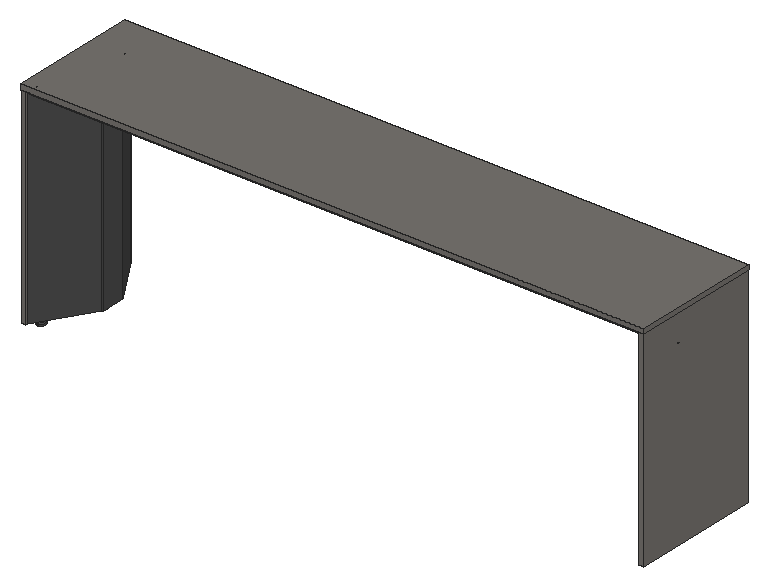
Revit family "revitupgrade", category Furniture, Revit 2020
Family settings
  Work Plane-Based = No
  Always vertical = Yes
  Cut with Voids When Loaded = No
  Shared = No
  Room Calculation Point = No
Parameters (values of type "66W")
  URL = "https://www.steelcase.com"
  Top [instance] = Steelcase - 25L6 Blackwood LPL
  Symbol Name = "TS4TPST"
  Style Number(s) = "TS4TPST"
  Release Date = "April 2018"  # constant formula
  Receptacle = Steelcase - 6249 Platinum Solid
  Product Line = "Turnstone"  # constant formula
  Product = "Campfire"  # constant formula
  Power Cord = Steelcase - 6205 Black
  Opaque [instance] = yes
  Manufacturer = "Steelcase"  # constant formula
  Description = ""
  Default Elevation = 0.00"
  Copyright = "© 2010 Steelcase Inc."  # constant formula
  AutoCAD Tag = "66/14"
  Authoring Version = "Revit 2016"  # constant formula
  Assembly Code = "E2020200"
Reference planes (in)
  plane 1 "Center Front/Back": y = 0
  plane 2 "Bottom": z = 0
  plane 3 "Center Left/Right": x = 0
  plane 4: x = 66
  plane 5: z = 23.07396
  plane 6: z = 22.559
  plane 7: z = 0.3189
  plane 8: y = -0.0395
  plane 9: y = -13.78576
  plane 10: y = -13.82513
  plane 11: x = 0.07855
  plane 12: x = 65.92143
  plane 13: x = 65.40648
  plane 14: x = 0.59351
  plane 15: x = 0.77099
  plane 16: through (0, -12.76328, 22.1769) normal (0, -0.5736, -0.8192)
  plane 17: through (0, -1.06557, 22.1744) normal (0, -0.5736, 0.8192)
  plane 18: y = -6.91257
Forms (in)
  Extrusion 1, solid, material "Steelcase - 25L6 Blackwood LPL" <- "Top"
    sketch origin (0, 0, 0) x (1, 0, 0) y (0, 1, 0)
      loop
        line (0, -0.0395) -> (0, -13.82513) -> (66, -13.82513) -> (66, -0.0395) -> (0, -0.0395)
    from 22.559 to 23.07396
  Extrusion 2, solid, material "Steelcase - 25L6 Blackwood LPL"
    sketch origin (0, 0, 0) x (1, 0, 0) y (0, 0, 1)
      loop
        line (0.07855, 22.559) -> (0.07855, 0.48902) -> (0.59351, 0.48902) -> (0.59351, 22.559) -> (0.07855, 22.559)
      loop
        line (65.40648, 22.559) -> (65.40648, 0.48902) -> (65.92143, 0.48902) -> (65.92143, 22.559) -> (65.40648, 22.559)
    from 0.0395 to 13.78576
  Extrusion 3, solid, material "Steelcase - 6205 Black" <- "Power Cord"
    sketch origin (0, 0, 0) x (1, 0, 0) y (0, 1, 0)
      loop
        arc (0.59351, -13.6349) -> (0.64317, -13.70086) -> (0.72029, -13.67137) r 0.06863
        line (0.72029, -13.67137) -> (4.05531, -8.16663)
        arc (4.05531, -8.16663) -> (4.10547, -8.05437) -> (4.12264, -7.93262) r 0.44037
        line (4.12264, -7.93262) -> (4.12264, -5.48077)
        arc (4.12264, -5.48077) -> (4.11027, -5.39301) -> (4.07411, -5.3121) r 0.3174
        line (4.07411, -5.3121) -> (0.72112, -0.15522)
        arc (0.72112, -0.15522) -> (0.6435, -0.12554) -> (0.59351, -0.19193) r 0.06908
        line (0.59351, -0.19193) -> (0.59351, -13.6349)
    from 0.48902 to 22.559
  Extrusion 4, solid, material "Steelcase - 6205 Black" <- "Power Cord"
    sketch origin (66, 0, 0) x (-1, 0, 0) y (0, -1, 0)
      loop
        line (0.59352, 13.63489) -> (0.59352, 0.19194)
        arc (0.59352, 0.19194) -> (0.6435, 0.12555) -> (0.72113, 0.15523) r 0.06908
        line (0.72113, 0.15523) -> (4.07411, 5.50035)
        arc (4.07411, 5.50035) -> (4.11027, 5.58126) -> (4.12264, 5.66902) r 0.3174
        line (4.12264, 5.66902) -> (4.12264, 8.12087)
        arc (4.12264, 8.12087) -> (4.10547, 8.24263) -> (4.05531, 8.35489) r 0.44037
        line (4.05531, 8.35489) -> (0.72029, 13.67136)
        arc (0.72029, 13.67136) -> (0.64318, 13.70085) -> (0.59352, 13.63489) r 0.06863
    from 0.48902 to 22.559
  Extrusion 5, solid, material "Steelcase - 6205 Black" <- "Power Cord"
    sketch origin (0, 0, 0) x (0, 1, 0) y (0, 0, 1)
      loop
        line (-0.20242, 22.559) -> (-1.15132, 22.559)
        arc (-1.15132, 22.559) -> (-1.22632, 22.50968) -> (-1.21076, 22.42128) r 0.08169
        line (-1.21076, 22.42128) -> (-1.06924, 22.27112)
        arc (-1.06924, 22.27112) -> (-1.05843, 22.23922) -> (-1.07548, 22.21018) r 0.04049
        line (-1.07548, 22.21018) -> (-5.47515, 19.1295)
        arc (-5.47515, 19.1295) -> (-5.58153, 19.07704) -> (-5.69875, 19.059) r 0.38984
        line (-5.69875, 19.059) -> (-8.14973, 19.059)
        arc (-8.14973, 19.059) -> (-8.24496, 19.07369) -> (-8.33135, 19.11639) r 0.31607
        line (-8.33135, 19.11639) -> (-12.74749, 22.21713)
        arc (-12.74749, 22.21713) -> (-12.76574, 22.24882) -> (-12.75322, 22.28318) r 0.0433
        line (-12.75322, 22.28318) -> (-12.60914, 22.42726)
        arc (-12.60914, 22.42726) -> (-12.59241, 22.51136) -> (-12.66371, 22.559) r 0.07717
        line (-12.66371, 22.559) -> (-13.62482, 22.559)
        arc (-13.62482, 22.559) -> (-13.6991, 22.50755) -> (-13.67706, 22.41992) r 0.07935
        line (-13.67706, 22.41992) -> (-13.49349, 22.25937) -> (-13.65968, 22.4494)
        arc (-13.65968, 22.4494) -> (-13.66679, 22.49761) -> (-13.62582, 22.524) r 0.04498
        line (-13.62582, 22.524) -> (-12.66501, 22.524)
        arc (-12.66501, 22.524) -> (-12.62555, 22.49764) -> (-12.63481, 22.45109) r 0.04271
        line (-12.63481, 22.45109) -> (-12.775, 22.3109)
        arc (-12.775, 22.3109) -> (-12.80038, 22.24117) -> (-12.76328, 22.1769) r 0.0878
        line (-12.76328, 22.1769) -> (-8.35225, 19.08827)
        arc (-8.35225, 19.08827) -> (-8.25528, 19.04045) -> (-8.14841, 19.024) r 0.3554
        line (-8.14841, 19.024) -> (-5.65046, 19.024)
        arc (-5.65046, 19.024) -> (-5.56877, 19.03657) -> (-5.49464, 19.07313) r 0.27165
        line (-5.49464, 19.07313) -> (-1.06557, 22.1744)
        arc (-1.06557, 22.1744) -> (-1.02692, 22.24135) -> (-1.05336, 22.31399) r 0.09146
        line (-1.05336, 22.31399) -> (-1.1922, 22.45283)
        arc (-1.1922, 22.45283) -> (-1.20124, 22.49826) -> (-1.16272, 22.524) r 0.04169
        line (-1.16272, 22.524) -> (-0.19684, 22.524)
        arc (-0.19684, 22.524) -> (-0.15696, 22.4983) -> (-0.16387, 22.45136) r 0.0438
        line (-0.16387, 22.45136) -> (-0.33178, 22.25937) -> (-0.1497, 22.41862)
        arc (-0.1497, 22.41862) -> (-0.12745, 22.50707) -> (-0.20242, 22.559) r 0.08009
    from 0.59351 to 65.40648
  Extrusion 6, solid, material "Steelcase - 6249 Platinum Solid" <- "Receptacle"
    sketch origin (0, -12.76328, 22.1769) x (0, -0.819152, 0.573576) y (-1, 0, 0)
      loop
        line (-2.86306, -31.42039) -> (-4.61306, -31.42039) -> (-4.61306, -34.56436) -> (-2.86306, -34.56436) -> (-2.86306, -31.42039)
    from 0 to 0.04463
  Extrusion 7, solid, material "Steelcase - 6249 Platinum Solid" <- "Receptacle"
    sketch origin (0, -1.06186, 22.1769) x (0, 0.819152, 0.573576) y (1, 0, 0)
      loop
        line (-2.86306, 31.42039) -> (-2.86306, 34.56436) -> (-4.61306, 34.56436) -> (-4.61306, 31.42039) -> (-2.86306, 31.42039)
    from 0 to 0.04463
  Extrusion 8, solid, material "Steelcase - 6249 Platinum Solid" <- "Receptacle"
    sketch origin (0, -12.76328, 22.1769) x (0, -0.819152, 0.573576) y (-1, 0, 0)
      loop
        line (-3.25082, -32.46251) -> (-4.56921, -32.46251) -> (-4.56921, -33.53278) -> (-3.25082, -33.53278) -> (-3.25082, -32.46251)
      loop
        line (-3.44486, -32.68499) -> (-4.02505, -32.68499) -> (-4.02505, -32.8133) -> (-3.44486, -32.8133) -> (-3.44486, -32.68499)
      loop
        line (-3.47839, -33.18299) -> (-3.97839, -33.18299) -> (-3.97839, -33.30767) -> (-3.47839, -33.30767) -> (-3.47839, -33.18299)
      loop
        line (-4.08234, -32.88399) -> (-4.18534, -32.88399) -> (-4.18534, -33.11599) -> (-4.08234, -33.11599) -> (-3.96634, -32.99984) -> (-4.08234, -32.88399)
    from 0 to 0.17324
  Extrusion 9, solid, material "Steelcase - 6249 Platinum Solid" <- "Receptacle"
    sketch origin (0, -1.06186, 22.1769) x (0, 0.819152, 0.573576) y (1, 0, 0)
      loop
        line (-3.25082, 32.46251) -> (-3.25082, 33.53278) -> (-4.56921, 33.53278) -> (-4.56921, 32.46251) -> (-3.25082, 32.46251)
      loop
        line (-3.44486, 32.68499) -> (-3.44486, 32.8133) -> (-4.02505, 32.8133) -> (-4.02505, 32.68499) -> (-3.44486, 32.68499)
      loop
        line (-3.47839, 33.18299) -> (-3.47839, 33.30767) -> (-3.97839, 33.30767) -> (-3.97839, 33.18299) -> (-3.47839, 33.18299)
      loop
        line (-4.08234, 32.88399) -> (-3.96634, 32.99984) -> (-4.08234, 33.11599) -> (-4.18534, 33.11599) -> (-4.18534, 32.88399) -> (-4.08234, 32.88399)
    from 0 to 0.17324
  Revolve 10, solid, material "Steelcase - 6205 Black"
    sketch origin (0.90625, 0, 0) x (0, 1, 0) y (0, 0, 1)
      loop
        line (-1.38728, 1.44086) -> (-1.38728, 0) -> (-0.9493, 0) -> (-0.9493, 0.11883)
        arc (-0.9493, 0.11883) -> (-1.04963, 0.19109) -> (-1.088, 0.30864) r 0.19921
        line (-1.088, 0.30864) -> (-1.088, 0.44428) -> (-1.22845, 0.44428) -> (-1.22845, 1.40005) -> (-1.27149, 1.44086) -> (-1.38728, 1.44086)
      axis (-1.38728, 1.44086) -> (-1.38728, 0)
    angle from 0 to 360
  Revolve 11, solid, material "Steelcase - 6205 Black"
    sketch origin (0.90625, -10.81162, 0) x (0, 1, 0) y (0, 0, 1)
      loop
        line (-1.38728, 1.44086) -> (-1.38728, 0) -> (-0.9493, 0) -> (-0.9493, 0.11883)
        arc (-0.9493, 0.11883) -> (-1.04963, 0.19109) -> (-1.088, 0.30864) r 0.19921
        line (-1.088, 0.30864) -> (-1.088, 0.44428) -> (-1.22845, 0.44428) -> (-1.22845, 1.40005) -> (-1.27149, 1.44086) -> (-1.38728, 1.44086)
      axis (-1.38728, 1.44086) -> (-1.38728, 0)
    angle from 0 to 360
  Revolve 12, solid, material "Steelcase - 6205 Black"
    sketch origin (3.19193, -5.40123, 0) x (0, 1, 0) y (0, 0, 1)
      loop
        line (-1.38728, 1.44086) -> (-1.38728, 0) -> (-0.9493, 0) -> (-0.9493, 0.11883)
        arc (-0.9493, 0.11883) -> (-1.04963, 0.19109) -> (-1.088, 0.30864) r 0.19921
        line (-1.088, 0.30864) -> (-1.088, 0.44428) -> (-1.22845, 0.44428) -> (-1.22845, 1.40005) -> (-1.27149, 1.44086) -> (-1.38728, 1.44086)
      axis (-1.38728, 1.44086) -> (-1.38728, 0)
    angle from 0 to 360
  Revolve 13, solid, material "Steelcase - 6205 Black"
    sketch origin (64.8133, 0, 0) x (0, 1, 0) y (0, 0, -1)
      loop
        line (-1.38728, -1.44086) -> (-1.27149, -1.44086) -> (-1.22845, -1.40005) -> (-1.22845, -0.44428) -> (-1.088, -0.44428) -> (-1.088, -0.30864)
        arc (-1.088, -0.30864) -> (-1.04963, -0.19109) -> (-0.9493, -0.11883) r 0.19921
        line (-0.9493, -0.11883) -> (-0.9493, 0) -> (-1.38728, 0) -> (-1.38728, -1.44086)
      axis (-1.38728, -1.44086) -> (-1.38728, 0)
    angle from 0 to 360
  Revolve 14, solid, material "Steelcase - 6205 Black"
    sketch origin (64.8133, -10.81162, 0) x (0, 1, 0) y (0, 0, -1)
      loop
        line (-1.38728, -1.44086) -> (-1.27149, -1.44086) -> (-1.22845, -1.40005) -> (-1.22845, -0.44428) -> (-1.088, -0.44428) -> (-1.088, -0.30864)
        arc (-1.088, -0.30864) -> (-1.04963, -0.19109) -> (-0.9493, -0.11883) r 0.19921
        line (-0.9493, -0.11883) -> (-0.9493, 0) -> (-1.38728, 0) -> (-1.38728, -1.44086)
      axis (-1.38728, -1.44086) -> (-1.38728, 0)
    angle from 0 to 360
  Revolve 15, solid, material "Steelcase - 6205 Black"
    sketch origin (62.52762, -5.40123, 0) x (0, 1, 0) y (0, 0, -1)
      loop
        line (-1.38728, -1.44086) -> (-1.27149, -1.44086) -> (-1.22845, -1.40005) -> (-1.22845, -0.44428) -> (-1.088, -0.44428) -> (-1.088, -0.30864)
        arc (-1.088, -0.30864) -> (-1.04963, -0.19109) -> (-0.9493, -0.11883) r 0.19921
        line (-0.9493, -0.11883) -> (-0.9493, 0) -> (-1.38728, 0) -> (-1.38728, -1.44086)
      axis (-1.38728, -1.44086) -> (-1.38728, 0)
    angle from 0 to 360
Lines and regions (in)
  Masking region 1, visible <- "Opaque"
    outline origin (0, 0, 0) x (1, 0, 0) y (0, 1, 0)
      loop
        line (66, 0) -> (0, 0) -> (0, -13.82513) -> (66, -13.82513) -> (66, 0)
  symbolic lines, style "Steelcase Furniture"
    curve 1: line (0, 0, 0) -> (66, 0, 0)
    curve 2: line (0, -13.82513, 0) -> (0, 0, 0)
    curve 3: line (66, -13.82513, 0) -> (0, -13.82513, 0)
    curve 4: line (66, 0, 0) -> (66, -13.82513, 0)
Dimensions and locks (in)
  locked: plane 7 to plane 2 "Bottom" at 0.3189
  plane 3 "Center Left/Right" to plane 11 to plane 14 = 0.07855" locked, 0.51496" locked
  plane 13 to plane 12 to plane 4 = 0.51495" locked, 0.07857" locked
  equal spacing: plane 1 "Center Front/Back", plane 18, plane 10
  aligned and locked: level to plane 2 "Bottom"
  aligned and locked: plane 5 to Extrusion 1
  aligned and locked: Extrusion 1 to plane 6
  aligned and locked: Extrusion 1 to plane 8
  aligned and locked: plane 9 to Extrusion 2
  aligned and locked: plane 10 to Extrusion 1
  aligned and locked: plane 6 to Extrusion 2  (x2)
  aligned and locked: Extrusion 2 to plane 9  (x2)
  aligned and locked: Extrusion 2 to plane 8
  aligned and locked: plane 14 to Extrusion 3 sketch curve
  aligned and locked: plane 6 to Extrusion 3
  aligned and locked: Extrusion 4 to plane 13
  aligned and locked: plane 13 to Extrusion 2
  aligned and locked: plane 14 to Extrusion 2
Automatic sketch dimensions
  curve 3 to plane 3 "Center Left/Right" = 0.00"
  curve 3 to plane 4 = 0.00"
  plane 10 to curve 3 = 0.00"
  plane 1 "Center Front/Back" to curve 2 = 0.00"
  Extrusion 1 sketch curve to plane 3 "Center Left/Right" = 0.00"
  Extrusion 1 sketch curve to plane 4 = 0.00"
  plane 10 to Extrusion 1 sketch curve = 0.00"
  plane 8 to Extrusion 1 sketch curve = 0.00"
  Extrusion 2 sketch curve to plane 11 = 0.00"
  Extrusion 2 sketch curve to plane 14 = 0.00"
  Extrusion 2 sketch curve to plane 6 = 0.00"  (x2)
  plane 13 to Extrusion 2 sketch curve = 0.00"
  plane 12 to Extrusion 2 sketch curve = 0.00"
  plane 7 to Extrusion 2 sketch curve = 0.17012"  (x2)
  plane 1 "Center Front/Back" to Masking region 1 sketch curve = 0.00"
  Masking region 1 sketch curve to plane 3 "Center Left/Right" = 0.00"
  Masking region 1 sketch curve to plane 4 = 0.00"
  plane 10 to Masking region 1 sketch curve = 0.00"
  Extrusion 3 sketch curve to Extrusion 3 sketch curve = 0.06863"
  Extrusion 3 sketch curve to Extrusion 3 sketch curve = 0.06908"
  Extrusion 3 sketch curve to plane 15 = 0.0507"
  Extrusion 3 sketch curve to plane 15 = 0.04987"
  plane 15 to Extrusion 3 sketch curve = 2.91128"
  Extrusion 3 sketch curve to Extrusion 3 sketch curve = 0.12296"
  plane 18 to Extrusion 3 sketch curve = 1.25407"
  Extrusion 3 sketch curve to Extrusion 3 sketch curve = 0.37305"
  Extrusion 3 sketch curve to plane 18 = 1.60047"
  Extrusion 3 sketch curve to Extrusion 3 sketch curve = 0.26888"
  Extrusion 3 sketch curve to Extrusion 3 sketch curve = 0.04852"
  Extrusion 3 sketch curve to plane 9 = 0.15086"
  plane 8 to Extrusion 3 sketch curve = 0.15243"
  Extrusion 4 sketch curve to plane 13 = 0.00"
  Extrusion 4 sketch curve to Extrusion 4 sketch curve = 0.06863"
  Extrusion 4 sketch curve to Extrusion 4 sketch curve = 0.06908"
  plane 9 to Extrusion 4 sketch curve = 0.1144"
  Extrusion 4 sketch curve to Extrusion 4 sketch curve = 0.05814"
  Extrusion 4 sketch curve to plane 8 = 0.11573"
  Extrusion 4 sketch curve to Extrusion 4 sketch curve = 0.05852"
  Extrusion 4 sketch curve to plane 13 = 3.08875"
  Extrusion 4 sketch curve to Extrusion 4 sketch curve = 0.12296"
  Extrusion 4 sketch curve to plane 18 = 1.44232"
  Extrusion 4 sketch curve to Extrusion 4 sketch curve = 0.37305"
  plane 18 to Extrusion 4 sketch curve = 1.41222"
  Extrusion 4 sketch curve to Extrusion 4 sketch curve = 0.26888"
  Extrusion 4 sketch curve to Extrusion 4 sketch curve = 0.04852"
  plane 6 to Extrusion 5 sketch curve = 0.00"  (x2)
  Extrusion 5 sketch curve to plane 16 = 0.00"
  plane 16 to Extrusion 5 sketch curve = 0.00"
  Extrusion 5 sketch curve to plane 17 = 0.00"
  Extrusion 5 sketch curve to plane 9 = 0.1087"
  Extrusion 5 sketch curve to Extrusion 5 sketch curve = 0.01738"
  Extrusion 5 sketch curve to Extrusion 5 sketch curve = 0.03386"
  Extrusion 5 sketch curve to Extrusion 5 sketch curve = 0.001"
  Extrusion 5 sketch curve to Extrusion 5 sketch curve = 0.18357"
  Extrusion 5 sketch curve to plane 6 = 0.2481"
  Extrusion 5 sketch curve to Extrusion 5 sketch curve = 0.71849"
  Extrusion 5 sketch curve to plane 6 = 0.3821"
  Extrusion 5 sketch curve to plane 6 = 0.27582"
  Extrusion 5 sketch curve to Extrusion 5 sketch curve = 0.02177"
  Extrusion 5 sketch curve to plane 6 = 0.34187"
  Extrusion 5 sketch curve to Extrusion 5 sketch curve = 0.01579"
  Extrusion 5 sketch curve to Extrusion 5 sketch curve = 0.03062"
  Extrusion 5 sketch curve to Extrusion 5 sketch curve = 0.00969"
  Extrusion 5 sketch curve to plane 6 = 0.035"  (x2)
  Extrusion 5 sketch curve to Extrusion 5 sketch curve = 0.10999"
  Extrusion 5 sketch curve to Extrusion 5 sketch curve = 0.0013"
  Extrusion 5 sketch curve to plane 6 = 0.10791"
  Extrusion 5 sketch curve to Extrusion 5 sketch curve = 0.0289"
  Extrusion 5 sketch curve to plane 6 = 0.13174"
  Extrusion 5 sketch curve to Extrusion 5 sketch curve = 0.02567"
  plane 18 to Extrusion 5 sketch curve = 1.43969"
  Extrusion 5 sketch curve to Extrusion 5 sketch curve = 0.0209"
  Extrusion 5 sketch curve to Extrusion 5 sketch curve = 0.18162"
  Extrusion 5 sketch curve to Extrusion 5 sketch curve = 0.00132"
  Extrusion 5 sketch curve to plane 18 = 1.21381"
  Extrusion 5 sketch curve to Extrusion 5 sketch curve = 0.0483"
  Extrusion 5 sketch curve to Extrusion 5 sketch curve = 0.15581"
  Extrusion 5 sketch curve to Extrusion 5 sketch curve = 0.01949"
  Extrusion 5 sketch curve to plane 6 = 0.13771"
  plane 8 to Extrusion 5 sketch curve = 1.17126"
  Extrusion 5 sketch curve to plane 6 = 0.10617"
  Extrusion 5 sketch curve to Extrusion 5 sketch curve = 0.01856"
  Extrusion 5 sketch curve to Extrusion 5 sketch curve = 0.02948"  (x2)
  Extrusion 5 sketch curve to Extrusion 5 sketch curve = 0.0114"
  Extrusion 5 sketch curve to Extrusion 5 sketch curve = 0.09273"
  Extrusion 5 sketch curve to Extrusion 5 sketch curve = 0.01933"
  Extrusion 5 sketch curve to plane 6 = 0.34881"
  Extrusion 5 sketch curve to Extrusion 5 sketch curve = 0.02322"
  Extrusion 5 sketch curve to plane 6 = 0.28788"
  Extrusion 5 sketch curve to Extrusion 5 sketch curve = 0.02946"
  Extrusion 5 sketch curve to plane 6 = 0.3846"
  Extrusion 5 sketch curve to plane 6 = 0.24501"
  Extrusion 5 sketch curve to Extrusion 5 sketch curve = 0.01588"
  plane 8 to Extrusion 5 sketch curve = 0.29227"
  Extrusion 5 sketch curve to plane 6 = 0.08009"
  plane 8 to Extrusion 5 sketch curve = 0.16292"
  Extrusion 5 sketch curve to Extrusion 5 sketch curve = 0.00558"
  Extrusion 5 sketch curve to Extrusion 5 sketch curve = 0.03297"
  Extrusion 5 sketch curve to Extrusion 5 sketch curve = 0.01417"
  Extrusion 5 sketch curve to Extrusion 5 sketch curve = 0.01515"
  Extrusion 5 sketch curve to Extrusion 5 sketch curve = 0.01413"
  Extrusion 5 sketch curve to Extrusion 5 sketch curve = 0.035"
  Extrusion 5 sketch curve to Extrusion 5 sketch curve = 0.02812"
  Extrusion 5 sketch curve to Extrusion 5 sketch curve = 0.05637"
  Extrusion 5 sketch curve to Extrusion 5 sketch curve = 0.15925"
  Extrusion 5 sketch curve to Extrusion 5 sketch curve = 0.26463"
  Extrusion 5 sketch curve to Extrusion 5 sketch curve = 0.10408"
  Extrusion 5 sketch curve to Extrusion 5 sketch curve = 0.03274"
  plane 15 to Extrusion 6 sketch curve = 30.6494"
  Extrusion 6 sketch curve to Extrusion 6 sketch curve = 1.75"
  Extrusion 6 sketch curve to Extrusion 6 sketch curve = 3.14397"
  plane 15 to Extrusion 7 sketch curve = 30.6494"
  Extrusion 7 sketch curve to Extrusion 7 sketch curve = 1.75"
  Extrusion 7 sketch curve to Extrusion 7 sketch curve = 3.14397"
  plane 15 to Extrusion 8 sketch curve = 31.69152"
  Extrusion 8 sketch curve to Extrusion 8 sketch curve = 0.38387"
  plane 13 to Extrusion 8 sketch curve = 32.29049"
  Extrusion 8 sketch curve to Extrusion 8 sketch curve = 0.00"
  Extrusion 8 sketch curve to Extrusion 8 sketch curve = 0.103"  (x2)
  Extrusion 8 sketch curve to Extrusion 8 sketch curve = 0.05729"
  Extrusion 8 sketch curve to Extrusion 8 sketch curve = 0.10394"
  plane 15 to Extrusion 8 sketch curve = 32.22885"
  Extrusion 8 sketch curve to Extrusion 8 sketch curve = 0.116"
  Extrusion 8 sketch curve to Extrusion 8 sketch curve = 0.50"
  Extrusion 8 sketch curve to Extrusion 8 sketch curve = 0.03354"
  Extrusion 8 sketch curve to Extrusion 8 sketch curve = 0.19404"
  Extrusion 8 sketch curve to Extrusion 8 sketch curve = 0.067"
  Extrusion 8 sketch curve to Extrusion 8 sketch curve = 0.12468"
  Extrusion 8 sketch curve to Extrusion 8 sketch curve = 0.41679"
  Extrusion 8 sketch curve to Extrusion 8 sketch curve = 0.11585"
  Extrusion 8 sketch curve to Extrusion 8 sketch curve = 0.07069"
  Extrusion 8 sketch curve to Extrusion 8 sketch curve = 0.12831"
  plane 15 to Extrusion 9 sketch curve = 31.69152"
  Extrusion 9 sketch curve to Extrusion 9 sketch curve = 0.38387"
  plane 13 to Extrusion 9 sketch curve = 32.29049"
  Extrusion 9 sketch curve to Extrusion 9 sketch curve = 0.00"
  Extrusion 9 sketch curve to Extrusion 9 sketch curve = 0.103"  (x2)
  Extrusion 9 sketch curve to Extrusion 9 sketch curve = 0.05729"
  Extrusion 9 sketch curve to Extrusion 9 sketch curve = 0.10394"
  plane 15 to Extrusion 9 sketch curve = 32.22885"
  Extrusion 9 sketch curve to Extrusion 9 sketch curve = 0.116"
  Extrusion 9 sketch curve to Extrusion 9 sketch curve = 0.50"
  Extrusion 9 sketch curve to Extrusion 9 sketch curve = 0.03354"
  Extrusion 9 sketch curve to Extrusion 9 sketch curve = 0.19404"
  Extrusion 9 sketch curve to Extrusion 9 sketch curve = 0.22248"
  Extrusion 9 sketch curve to Extrusion 9 sketch curve = 0.12831"
  Extrusion 9 sketch curve to Extrusion 9 sketch curve = 0.07069"
  Extrusion 9 sketch curve to Extrusion 9 sketch curve = 0.067"
  Extrusion 9 sketch curve to Extrusion 9 sketch curve = 0.12468"
  Extrusion 9 sketch curve to Extrusion 9 sketch curve = 0.22511"
  level to Revolve 10 sketch curve = 0.00"
  plane 8 to Revolve 10 sketch curve = 1.34777"
  Revolve 10 sketch curve to Revolve 10 sketch curve = 0.11579"
  Revolve 10 sketch curve to Revolve 10 sketch curve = 0.04304"
  Revolve 10 sketch curve to Revolve 10 sketch curve = 0.14045"
  Revolve 10 sketch curve to Revolve 10 sketch curve = 0.13871"
  Revolve 10 sketch curve to plane 7 = 0.01026"
  Revolve 10 sketch curve to Revolve 10 sketch curve = 0.19921"
  plane 7 to Revolve 10 sketch curve = 0.12538"
  Revolve 10 sketch curve to Revolve 10 sketch curve = 0.95577"
  Revolve 10 sketch curve to Revolve 10 sketch curve = 0.04081"
  Revolve 10 sketch curve to Revolve 10 sketch curve = 0.00"  (x2)
  Revolve 10 sketch curve to Revolve 10 sketch curve = 0.14577"
  level to Revolve 11 sketch curve = 0.00"
  Revolve 11 sketch curve to plane 9 = 1.58687"
  Revolve 11 sketch curve to Revolve 11 sketch curve = 0.11579"
  Revolve 11 sketch curve to Revolve 11 sketch curve = 0.04304"
  Revolve 11 sketch curve to Revolve 11 sketch curve = 0.14045"
  Revolve 11 sketch curve to Revolve 11 sketch curve = 0.13871"
  Revolve 11 sketch curve to plane 7 = 0.01026"
  Revolve 11 sketch curve to Revolve 11 sketch curve = 0.19921"
  plane 7 to Revolve 11 sketch curve = 0.12538"
  Revolve 11 sketch curve to Revolve 11 sketch curve = 0.95577"
  Revolve 11 sketch curve to Revolve 11 sketch curve = 0.04081"
  Revolve 11 sketch curve to Revolve 11 sketch curve = 0.00"  (x2)
  Revolve 11 sketch curve to Revolve 11 sketch curve = 0.14577"
  level to Revolve 12 sketch curve = 0.00"
  Revolve 12 sketch curve to plane 18 = 0.12406"
  Revolve 12 sketch curve to Revolve 12 sketch curve = 0.11579"
  Revolve 12 sketch curve to Revolve 12 sketch curve = 0.04304"
  Revolve 12 sketch curve to Revolve 12 sketch curve = 0.14045"
  Revolve 12 sketch curve to Revolve 12 sketch curve = 0.13871"
  Revolve 12 sketch curve to plane 7 = 0.01026"
  Revolve 12 sketch curve to Revolve 12 sketch curve = 0.19921"
  plane 7 to Revolve 12 sketch curve = 0.12538"
  Revolve 12 sketch curve to Revolve 12 sketch curve = 0.95577"
  Revolve 12 sketch curve to Revolve 12 sketch curve = 0.04081"
  Revolve 12 sketch curve to Revolve 12 sketch curve = 0.00"  (x2)
  Revolve 12 sketch curve to Revolve 12 sketch curve = 0.14577"
  Revolve 13 sketch curve to level = 0.00"
  plane 8 to Revolve 13 sketch curve = 1.34777"
  Revolve 13 sketch curve to Revolve 13 sketch curve = 0.11579"
  Revolve 13 sketch curve to Revolve 13 sketch curve = 0.04304"
  Revolve 13 sketch curve to Revolve 13 sketch curve = 0.14045"
  Revolve 13 sketch curve to Revolve 13 sketch curve = 0.13871"
  Revolve 13 sketch curve to plane 7 = 0.01026"
  Revolve 13 sketch curve to Revolve 13 sketch curve = 0.19921"
  plane 7 to Revolve 13 sketch curve = 0.12538"
  Revolve 13 sketch curve to Revolve 13 sketch curve = 0.95577"
  Revolve 13 sketch curve to Revolve 13 sketch curve = 0.04081"
  Revolve 13 sketch curve to Revolve 13 sketch curve = 0.00"  (x2)
  Revolve 13 sketch curve to Revolve 13 sketch curve = 0.14577"
  Revolve 14 sketch curve to level = 0.00"
  Revolve 14 sketch curve to plane 9 = 1.58687"
  Revolve 14 sketch curve to Revolve 14 sketch curve = 0.11579"
  Revolve 14 sketch curve to Revolve 14 sketch curve = 0.04304"
  Revolve 14 sketch curve to Revolve 14 sketch curve = 0.14045"
  Revolve 14 sketch curve to Revolve 14 sketch curve = 0.13871"
  Revolve 14 sketch curve to plane 7 = 0.01026"
  Revolve 14 sketch curve to Revolve 14 sketch curve = 0.19921"
  plane 7 to Revolve 14 sketch curve = 0.12538"
  Revolve 14 sketch curve to Revolve 14 sketch curve = 0.95577"
  Revolve 14 sketch curve to Revolve 14 sketch curve = 0.04081"
  Revolve 14 sketch curve to Revolve 14 sketch curve = 0.00"  (x2)
  Revolve 14 sketch curve to Revolve 14 sketch curve = 0.14577"
  Revolve 15 sketch curve to level = 0.00"
  Revolve 15 sketch curve to plane 18 = 0.12406"
  Revolve 15 sketch curve to Revolve 15 sketch curve = 0.11579"
  Revolve 15 sketch curve to Revolve 15 sketch curve = 0.04304"
  Revolve 15 sketch curve to Revolve 15 sketch curve = 0.14045"
  Revolve 15 sketch curve to Revolve 15 sketch curve = 0.13871"
  Revolve 15 sketch curve to plane 7 = 0.01026"
  Revolve 15 sketch curve to Revolve 15 sketch curve = 0.19921"
  plane 7 to Revolve 15 sketch curve = 0.12538"
  Revolve 15 sketch curve to Revolve 15 sketch curve = 0.95577"
  Revolve 15 sketch curve to Revolve 15 sketch curve = 0.04081"
  Revolve 15 sketch curve to Revolve 15 sketch curve = 0.00"  (x2)
  Revolve 15 sketch curve to Revolve 15 sketch curve = 0.14577"
